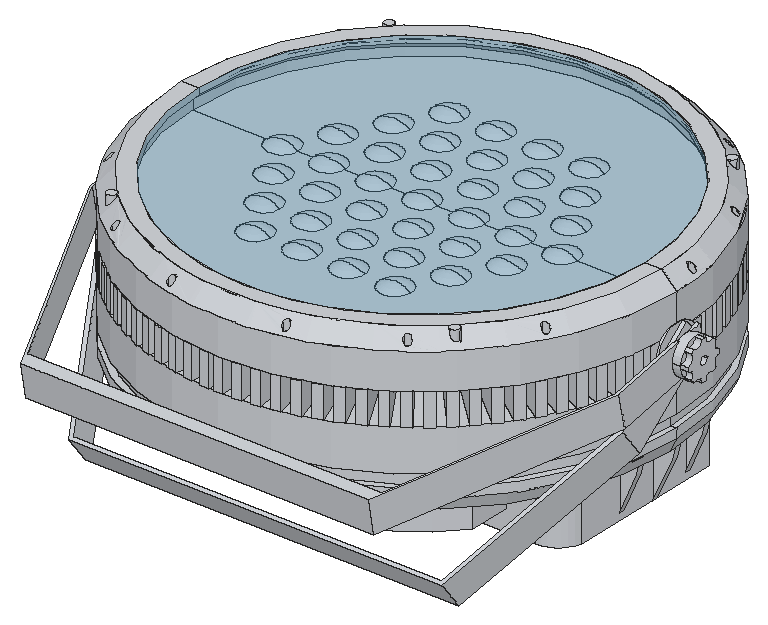
Revit family "WALL WASHER BUILDING RGBW_LV2610QW.20", category Luminarias, Revit 2019 (continued)
Forms (mm)
  Revolve 139, solid
    sketch origin (103.069, 63.256, -108.199) x (1, 0, 0) y (0, 0, 1)
      loop
        arc (-30.028, 289.911) -> (-36.507, 288.887) -> (-42.45, 286.113) r 23.5
        line (-42.45, 286.113) -> (-30.028, 286.113) -> (-30.028, 289.911)
      axis (-30.028, 286.113) -> (-30.028, 289.911)
    angle from 0 to 360
  Revolve 140, solid
    sketch origin (-48.288, 31.628, -108.199) x (-1, 0, 0) y (0, 0, 1)
      loop
        arc (-30.028, 289.911) -> (-36.507, 288.887) -> (-42.45, 286.113) r 23.5
        line (-42.45, 286.113) -> (-30.028, 286.113) -> (-30.028, 289.911)
      axis (-30.028, 286.113) -> (-30.028, 289.911)
    angle from 0 to 360
  Revolve 141, solid
    sketch origin (48.288, 31.628, -108.199) x (1, 0, 0) y (0, 0, -1)
      loop
        line (-30.028, -289.911) -> (-30.028, -286.113) -> (-42.45, -286.113)
        arc (-42.45, -286.113) -> (-36.507, -288.887) -> (-30.028, -289.911) r 23.5
      axis (-30.028, -286.113) -> (-30.028, -289.911)
    angle from 0 to 360
  Revolve 142, solid
    sketch origin (-84.809, 31.628, -108.199) x (-1, 0, 0) y (0, 0, 1)
      loop
        arc (-30.028, 289.911) -> (-36.507, 288.887) -> (-42.45, 286.113) r 23.5
        line (-42.45, 286.113) -> (-30.028, 286.113) -> (-30.028, 289.911)
      axis (-30.028, 286.113) -> (-30.028, 289.911)
    angle from 0 to 360
  Revolve 143, solid
    sketch origin (-121.329, 31.628, -108.199) x (-1, 0, 0) y (0, 0, 1)
      loop
        arc (-30.028, 289.911) -> (-36.507, 288.887) -> (-42.45, 286.113) r 23.5
        line (-42.45, 286.113) -> (-30.028, 286.113) -> (-30.028, 289.911)
      axis (-30.028, 286.113) -> (-30.028, 289.911)
    angle from 0 to 360
  Revolve 144, solid
    sketch origin (84.809, 31.628, -108.199) x (1, 0, 0) y (0, 0, -1)
      loop
        line (-30.028, -289.911) -> (-30.028, -286.113) -> (-42.45, -286.113)
        arc (-42.45, -286.113) -> (-36.507, -288.887) -> (-30.028, -289.911) r 23.5
      axis (-30.028, -286.113) -> (-30.028, -289.911)
    angle from 0 to 360
  Revolve 145, solid
    sketch origin (121.329, 31.628, -108.199) x (1, 0, 0) y (0, 0, -1)
      loop
        line (-30.028, -289.911) -> (-30.028, -286.113) -> (-42.45, -286.113)
        arc (-42.45, -286.113) -> (-36.507, -288.887) -> (-30.028, -289.911) r 23.5
      axis (-30.028, -286.113) -> (-30.028, -289.911)
    angle from 0 to 360
  Revolve 146, solid
    sketch origin (-66.548, 0, -108.199) x (-1, 0, 0) y (0, 0, 1)
      loop
        arc (-30.028, 289.911) -> (-36.507, 288.887) -> (-42.45, 286.113) r 23.5
        line (-42.45, 286.113) -> (-30.028, 286.113) -> (-30.028, 289.911)
      axis (-30.028, 286.113) -> (-30.028, 289.911)
    angle from 0 to 360
  Revolve 147, solid
    sketch origin (30.028, 0, -108.199) x (1, 0, 0) y (0, 0, -1)
      loop
        line (-30.028, -289.911) -> (-30.028, -286.113) -> (-42.45, -286.113)
        arc (-42.45, -286.113) -> (-36.507, -288.887) -> (-30.028, -289.911) r 23.5
      axis (-30.028, -286.113) -> (-30.028, -289.911)
    angle from 0 to 360
  Revolve 148, solid
    sketch origin (-103.069, 0, -108.199) x (-1, 0, 0) y (0, 0, 1)
      loop
        arc (-30.028, 289.911) -> (-36.507, 288.887) -> (-42.45, 286.113) r 23.5
        line (-42.45, 286.113) -> (-30.028, 286.113) -> (-30.028, 289.911)
      axis (-30.028, 286.113) -> (-30.028, 289.911)
    angle from 0 to 360
  Revolve 149, solid
    sketch origin (66.548, 0, -108.199) x (1, 0, 0) y (0, 0, -1)
      loop
        line (-30.028, -289.911) -> (-30.028, -286.113) -> (-42.45, -286.113)
        arc (-42.45, -286.113) -> (-36.507, -288.887) -> (-30.028, -289.911) r 23.5
      axis (-30.028, -286.113) -> (-30.028, -289.911)
    angle from 0 to 360
  Revolve 150, solid
    sketch origin (103.069, 0, -108.199) x (1, 0, 0) y (0, 0, -1)
      loop
        line (-30.028, -289.911) -> (-30.028, -286.113) -> (-42.45, -286.113)
        arc (-42.45, -286.113) -> (-36.507, -288.887) -> (-30.028, -289.911) r 23.5
      axis (-30.028, -286.113) -> (-30.028, -289.911)
    angle from 0 to 360
  Revolve 151, solid
    sketch origin (-139.59, 0, -108.199) x (-1, 0, 0) y (0, 0, 1)
      loop
        arc (-30.028, 289.911) -> (-36.507, 288.887) -> (-42.45, 286.113) r 23.5
        line (-42.45, 286.113) -> (-30.028, 286.113) -> (-30.028, 289.911)
      axis (-30.028, 286.113) -> (-30.028, 289.911)
    angle from 0 to 360
  Revolve 152, solid
    sketch origin (139.59, 0, -108.199) x (1, 0, 0) y (0, 0, -1)
      loop
        line (-30.028, -289.911) -> (-30.028, -286.113) -> (-42.45, -286.113)
        arc (-42.45, -286.113) -> (-36.507, -288.887) -> (-30.028, -289.911) r 23.5
      axis (-30.028, -286.113) -> (-30.028, -289.911)
    angle from 0 to 360
  Revolve 153, solid
    sketch origin (-48.288, -94.884, -108.199) x (-1, 0, 0) y (0, 0, 1)
      loop
        arc (-30.028, 289.911) -> (-36.507, 288.887) -> (-42.45, 286.113) r 23.5
        line (-42.45, 286.113) -> (-30.028, 286.113) -> (-30.028, 289.911)
      axis (-30.028, 286.113) -> (-30.028, 289.911)
    angle from 0 to 360
  Revolve 154, solid
    sketch origin (48.288, -94.884, -108.199) x (1, 0, 0) y (0, 0, -1)
      loop
        line (-30.028, -289.911) -> (-30.028, -286.113) -> (-42.45, -286.113)
        arc (-42.45, -286.113) -> (-36.507, -288.887) -> (-30.028, -289.911) r 23.5
      axis (-30.028, -286.113) -> (-30.028, -289.911)
    angle from 0 to 360
  Revolve 155, solid
    sketch origin (-66.548, -63.256, -108.199) x (-1, 0, 0) y (0, 0, 1)
      loop
        arc (-30.028, 289.911) -> (-36.507, 288.887) -> (-42.45, 286.113) r 23.5
        line (-42.45, 286.113) -> (-30.028, 286.113) -> (-30.028, 289.911)
      axis (-30.028, 286.113) -> (-30.028, 289.911)
    angle from 0 to 360
  Revolve 156, solid
    sketch origin (30.028, -63.256, -108.199) x (1, 0, 0) y (0, 0, -1)
      loop
        line (-30.028, -289.911) -> (-30.028, -286.113) -> (-42.45, -286.113)
        arc (-42.45, -286.113) -> (-36.507, -288.887) -> (-30.028, -289.911) r 23.5
      axis (-30.028, -286.113) -> (-30.028, -289.911)
    angle from 0 to 360
  Revolve 157, solid
    sketch origin (-103.069, -63.256, -108.199) x (-1, 0, 0) y (0, 0, 1)
      loop
        arc (-30.028, 289.911) -> (-36.507, 288.887) -> (-42.45, 286.113) r 23.5
        line (-42.45, 286.113) -> (-30.028, 286.113) -> (-30.028, 289.911)
      axis (-30.028, 286.113) -> (-30.028, 289.911)
    angle from 0 to 360
  Revolve 158, solid
    sketch origin (66.548, -63.256, -108.199) x (1, 0, 0) y (0, 0, -1)
      loop
        line (-30.028, -289.911) -> (-30.028, -286.113) -> (-42.45, -286.113)
        arc (-42.45, -286.113) -> (-36.507, -288.887) -> (-30.028, -289.911) r 23.5
      axis (-30.028, -286.113) -> (-30.028, -289.911)
    angle from 0 to 360
  Revolve 159, solid
    sketch origin (103.069, -63.256, -108.199) x (1, 0, 0) y (0, 0, -1)
      loop
        line (-30.028, -289.911) -> (-30.028, -286.113) -> (-42.45, -286.113)
        arc (-42.45, -286.113) -> (-36.507, -288.887) -> (-30.028, -289.911) r 23.5
      axis (-30.028, -286.113) -> (-30.028, -289.911)
    angle from 0 to 360
  Revolve 160, solid
    sketch origin (-48.288, -31.628, -108.199) x (-1, 0, 0) y (0, 0, -1)
      loop
        line (-30.028, -289.911) -> (-30.028, -286.113) -> (-42.45, -286.113)
        arc (-42.45, -286.113) -> (-36.507, -288.887) -> (-30.028, -289.911) r 23.5
      axis (-30.028, -286.113) -> (-30.028, -289.911)
    angle from 0 to 360
  Revolve 161, solid
    sketch origin (48.288, -31.628, -108.199) x (1, 0, 0) y (0, 0, 1)
      loop
        arc (-30.028, 289.911) -> (-36.507, 288.887) -> (-42.45, 286.113) r 23.5
        line (-42.45, 286.113) -> (-30.028, 286.113) -> (-30.028, 289.911)
      axis (-30.028, 286.113) -> (-30.028, 289.911)
    angle from 0 to 360
  Revolve 162, solid
    sketch origin (-84.809, -31.628, -108.199) x (-1, 0, 0) y (0, 0, -1)
      loop
        line (-30.028, -289.911) -> (-30.028, -286.113) -> (-42.45, -286.113)
        arc (-42.45, -286.113) -> (-36.507, -288.887) -> (-30.028, -289.911) r 23.5
      axis (-30.028, -286.113) -> (-30.028, -289.911)
    angle from 0 to 360
  Revolve 163, solid
    sketch origin (-121.329, -31.628, -108.199) x (-1, 0, 0) y (0, 0, -1)
      loop
        line (-30.028, -289.911) -> (-30.028, -286.113) -> (-42.45, -286.113)
        arc (-42.45, -286.113) -> (-36.507, -288.887) -> (-30.028, -289.911) r 23.5
      axis (-30.028, -286.113) -> (-30.028, -289.911)
    angle from 0 to 360
  Revolve 164, solid
    sketch origin (84.809, -31.628, -108.199) x (1, 0, 0) y (0, 0, 1)
      loop
        arc (-30.028, 289.911) -> (-36.507, 288.887) -> (-42.45, 286.113) r 23.5
        line (-42.45, 286.113) -> (-30.028, 286.113) -> (-30.028, 289.911)
      axis (-30.028, 286.113) -> (-30.028, 289.911)
    angle from 0 to 360
  Revolve 165, solid
    sketch origin (121.329, -31.628, -108.199) x (1, 0, 0) y (0, 0, 1)
      loop
        arc (-30.028, 289.911) -> (-36.507, 288.887) -> (-42.45, 286.113) r 23.5
        line (-42.45, 286.113) -> (-30.028, 286.113) -> (-30.028, 289.911)
      axis (-30.028, 286.113) -> (-30.028, 289.911)
    angle from 0 to 360
  Revolve 166, solid
    sketch origin (-84.809, 94.884, -108.199) x (-1, 0, 0) y (0, 0, 1)
      loop
        arc (-30.028, 289.911) -> (-36.507, 288.887) -> (-42.45, 286.113) r 23.5
        line (-42.45, 286.113) -> (-30.028, 286.113) -> (-30.028, 289.911)
      axis (-30.028, 286.113) -> (-30.028, 289.911)
    angle from 0 to 360
  Revolve 167, solid
    sketch origin (84.809, 94.884, -108.199) x (1, 0, 0) y (0, 0, 1)
      loop
        arc (-30.028, 289.911) -> (-36.507, 288.887) -> (-42.45, 286.113) r 23.5
        line (-42.45, 286.113) -> (-30.028, 286.113) -> (-30.028, 289.911)
      axis (-30.028, 286.113) -> (-30.028, 289.911)
    angle from 0 to 360
  Revolve 168, solid
    sketch origin (-84.809, -94.884, -108.199) x (-1, 0, 0) y (0, 0, 1)
      loop
        arc (-30.028, 289.911) -> (-36.507, 288.887) -> (-42.45, 286.113) r 23.5
        line (-42.45, 286.113) -> (-30.028, 286.113) -> (-30.028, 289.911)
      axis (-30.028, 286.113) -> (-30.028, 289.911)
    angle from 0 to 360
  Revolve 169, solid
    sketch origin (84.809, -94.884, -108.199) x (1, 0, 0) y (0, 0, -1)
      loop
        line (-30.028, -289.911) -> (-30.028, -286.113) -> (-42.45, -286.113)
        arc (-42.45, -286.113) -> (-36.507, -288.887) -> (-30.028, -289.911) r 23.5
      axis (-30.028, -286.113) -> (-30.028, -289.911)
    angle from 0 to 360
Cuts and joins
  Extrusion 118, Extrusion 119 cuts Extrusion 93
  Extrusion 124 cuts Revolve 1
  joined: Extrusion 128, Extrusion 129
Lines and regions (mm)
  model lines
    curve 1: line (0, 3.632, 142.5) -> (0, -3.632, 142.5)
Dimensions and locks
  plane 4 to plane 2 = 195 mm
  plane 4 to level = 195 mm
  aligned and locked: level to plane 2
  aligned and locked: Extrusion 2 to Revolve 1
  aligned and locked: plane 4 to Extrusion 92
  aligned and locked: Extrusion 111 to Extrusion 94
  aligned and locked: Extrusion 111 to Extrusion 110
  aligned and locked: Extrusion 112 to Extrusion 113
  aligned and locked: Extrusion 114 to Extrusion 110
  aligned and locked: Extrusion 115 to Extrusion 94
  aligned and locked: Extrusion 115 to Extrusion 110
  aligned and locked: plane 4 to Extrusion 124
Connectors
  electrical at (-51.643, -76.696, 8.725)
    settings: on Extrusion 114, index 1, voltage 277 V, apparent load 0 VA, apparent load phase1 0 VA, apparent load phase2 0 VA, apparent load phase3 0 VA, power factor 1, load classification "Otro", number of poles 1, system type 31, power factor state 1, is connector primary yes, connector utility no, sub classification motor no, connector description ""
